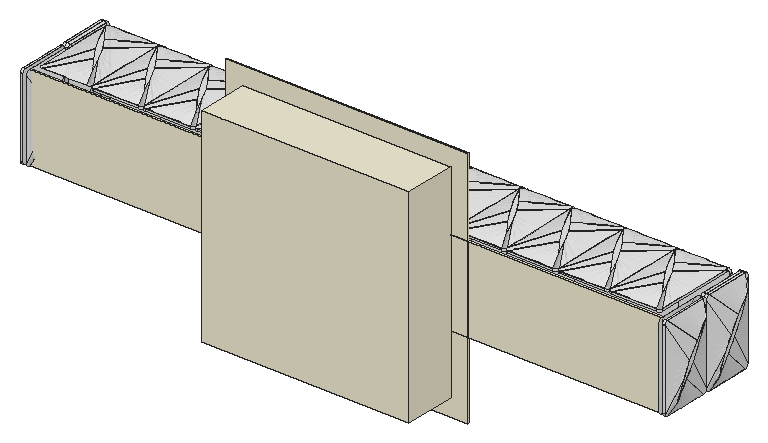
Revit family "3-572-15 Elan", category Luminarias, Revit 2021 (continued)
Definition of nested family "Family2"
  Forms (in)
    Blend 58, solid, material <- "Diffuser"
      base sketch origin (10.62992, -2.24007, -2.27132) x (1, 0, 0) y (0, 1, 0)
        loop
          arc (-7.08661, -0.90551) -> (-7.06355, -0.96119) -> (-7.00787, -0.98425) r 0.07874
          line (-7.00787, -0.98425) -> (-5.98425, -0.98425)
          arc (-5.98425, -0.98425) -> (-5.92857, -0.96119) -> (-5.90551, -0.90551) r 0.07874
          line (-5.90551, -0.90551) -> (-5.90551, 0.90551)
      top sketch origin (10.62992, -2.24007, -2.27132) x (1, 0, 0) y (0, 1, 0)
        loop
          line (-6.89899, 0.68245) -> (-6.71635, 0.29079) -> (-6.53621, -0.05852) -> (-6.35588, -0.33357) -> (-6.0667, -0.72725) -> (-6.27171, -0.28388) -> (-6.43166, 0.00863) -> (-6.64427, 0.33334) -> (-6.89899, 0.68245)
      from 3.31463 to 3.45242
    Extrusion 59, solid, material <- "Diffuser"
      sketch origin (10.62992, -2.24007, -2.27132) x (1, 0, 0) y (0, 1, 0)
        loop
          arc (-5.90551, 0.90551) -> (-5.92857, 0.96119) -> (-5.98425, 0.98425) r 0.07874
          line (-5.98425, 0.98425) -> (-7.00787, 0.98425)
          arc (-7.00787, 0.98425) -> (-7.06355, 0.96119) -> (-7.08661, 0.90551) r 0.07874
          line (-7.08661, 0.90551) -> (-7.08661, -0.90551)
          arc (-7.08661, -0.90551) -> (-7.06355, -0.96119) -> (-7.00787, -0.98425) r 0.07874
          line (-7.00787, -0.98425) -> (-5.98425, -0.98425)
          arc (-5.98425, -0.98425) -> (-5.92857, -0.96119) -> (-5.90551, -0.90551) r 0.07874
          line (-5.90551, -0.90551) -> (-5.90551, 0.90551)
      from 3.25557 to 3.31463
    Blend 60, solid, material <- "Diffuser"
      base sketch origin (11.81102, -2.24007, -2.27132) x (1, 0, 0) y (0, 1, 0)
        loop
          arc (-5.90551, 0.90551) -> (-5.92857, 0.96119) -> (-5.98425, 0.98425) r 0.07874
          line (-5.98425, 0.98425) -> (-7.00787, 0.98425)
          arc (-7.00787, 0.98425) -> (-7.06355, 0.96119) -> (-7.08661, 0.90551) r 0.07874
          line (-7.08661, 0.90551) -> (-7.08661, -0.90551)
          arc (-7.08661, -0.90551) -> (-7.06355, -0.96119) -> (-7.00787, -0.98425) r 0.07874
          line (-7.00787, -0.98425) -> (-5.98425, -0.98425)
          arc (-5.98425, -0.98425) -> (-5.92857, -0.96119) -> (-5.90551, -0.90551) r 0.07874
          line (-5.90551, -0.90551) -> (-5.90551, 0.90551)
      top sketch origin (11.81102, -2.24007, -2.27132) x (1, 0, 0) y (0, 1, 0)
        loop
          line (-6.89899, 0.68245) -> (-6.71635, 0.29079) -> (-6.53621, -0.05852) -> (-6.35588, -0.33357) -> (-6.0667, -0.72725) -> (-6.27171, -0.28388) -> (-6.43166, 0.00863) -> (-6.64427, 0.33334) -> (-6.89899, 0.68245)
      from 3.31463 to 3.45242
    Extrusion 61, solid, material <- "Diffuser"
      sketch origin (11.81102, -2.24007, -2.27132) x (1, 0, 0) y (0, 1, 0)
        loop
          arc (-5.90551, 0.90551) -> (-5.92857, 0.96119) -> (-5.98425, 0.98425) r 0.07874
          line (-5.98425, 0.98425) -> (-7.00787, 0.98425)
          arc (-7.00787, 0.98425) -> (-7.06355, 0.96119) -> (-7.08661, 0.90551) r 0.07874
          line (-7.08661, 0.90551) -> (-7.08661, -0.90551)
          arc (-7.08661, -0.90551) -> (-7.06355, -0.96119) -> (-7.00787, -0.98425) r 0.07874
          line (-7.00787, -0.98425) -> (-5.98425, -0.98425)
          arc (-5.98425, -0.98425) -> (-5.92857, -0.96119) -> (-5.90551, -0.90551) r 0.07874
          line (-5.90551, -0.90551) -> (-5.90551, 0.90551)
      from 3.25557 to 3.31463
    Blend 62, solid, material <- "Diffuser"
      base sketch origin (12.99213, -2.24007, -2.27132) x (1, 0, 0) y (0, 1, 0)
        loop
          arc (-5.90551, 0.90551) -> (-5.92857, 0.96119) -> (-5.98425, 0.98425) r 0.07874
          line (-5.98425, 0.98425) -> (-7.00787, 0.98425)
          arc (-7.00787, 0.98425) -> (-7.06355, 0.96119) -> (-7.08661, 0.90551) r 0.07874
          line (-7.08661, 0.90551) -> (-7.08661, -0.90551)
          arc (-7.08661, -0.90551) -> (-7.06355, -0.96119) -> (-7.00787, -0.98425) r 0.07874
          line (-7.00787, -0.98425) -> (-5.98425, -0.98425)
          arc (-5.98425, -0.98425) -> (-5.92857, -0.96119) -> (-5.90551, -0.90551) r 0.07874
          line (-5.90551, -0.90551) -> (-5.90551, 0.90551)
      top sketch origin (12.99213, -2.24007, -2.27132) x (1, 0, 0) y (0, 1, 0)
        loop
          line (-6.89899, 0.68245) -> (-6.71635, 0.29079) -> (-6.53621, -0.05852) -> (-6.35588, -0.33357) -> (-6.0667, -0.72725) -> (-6.27171, -0.28388) -> (-6.43166, 0.00863) -> (-6.64427, 0.33334) -> (-6.89899, 0.68245)
      from 3.31463 to 3.45242
    Blend 63, solid, material <- "Diffuser"
      base sketch origin (0.00926, -2.24007, 2.34394) x (-0.999996, 0, 0.00275) y (0, 1, 0)
        loop
          arc (-5.90551, 0.90551) -> (-5.92857, 0.96119) -> (-5.98425, 0.98425) r 0.07874
          line (-5.98425, 0.98425) -> (-7.00787, 0.98425)
          arc (-7.00787, 0.98425) -> (-7.06355, 0.96119) -> (-7.08661, 0.90551) r 0.07874
          line (-7.08661, 0.90551) -> (-7.08661, -0.90551)
          arc (-7.08661, -0.90551) -> (-7.06355, -0.96119) -> (-7.00787, -0.98425) r 0.07874
          line (-7.00787, -0.98425) -> (-5.98425, -0.98425)
          arc (-5.98425, -0.98425) -> (-5.92857, -0.96119) -> (-5.90551, -0.90551) r 0.07874
          line (-5.90551, -0.90551) -> (-5.90551, 0.90551)
      top sketch origin (0.00926, -2.24007, 2.34394) x (-0.999996, 0, 0.00275) y (0, 1, 0)
        loop
          line (-6.89899, 0.68245) -> (-6.71635, 0.29079) -> (-6.53621, -0.05852) -> (-6.35588, -0.33357) -> (-6.0667, -0.72725) -> (-6.27171, -0.28388) -> (-6.43166, 0.00863) -> (-6.64427, 0.33334) -> (-6.89899, 0.68245)
      from 3.31463 to 3.45242
    Extrusion 64, solid, material <- "Diffuser"
      sketch origin (0.00926, -2.24007, 2.34394) x (-0.999996, 0, 0.00275) y (0, 1, 0)
        loop
          arc (-5.90551, 0.90551) -> (-5.92857, 0.96119) -> (-5.98425, 0.98425) r 0.07874
          line (-5.98425, 0.98425) -> (-7.00787, 0.98425)
          arc (-7.00787, 0.98425) -> (-7.06355, 0.96119) -> (-7.08661, 0.90551) r 0.07874
          line (-7.08661, 0.90551) -> (-7.08661, -0.90551)
          arc (-7.08661, -0.90551) -> (-7.06355, -0.96119) -> (-7.00787, -0.98425) r 0.07874
          line (-7.00787, -0.98425) -> (-5.98425, -0.98425)
          arc (-5.98425, -0.98425) -> (-5.92857, -0.96119) -> (-5.90551, -0.90551) r 0.07874
          line (-5.90551, -0.90551) -> (-5.90551, 0.90551)
      from 3.20242 to 3.31463
    Blend 65, solid, material <- "Diffuser"
      base sketch origin (-1.17183, -2.24007, 2.34719) x (-0.999996, 0, 0.00275) y (0, 1, 0)
        loop
          arc (-5.90551, 0.90551) -> (-5.92857, 0.96119) -> (-5.98425, 0.98425) r 0.07874
          line (-5.98425, 0.98425) -> (-7.00787, 0.98425)
          arc (-7.00787, 0.98425) -> (-7.06355, 0.96119) -> (-7.08661, 0.90551) r 0.07874
          line (-7.08661, 0.90551) -> (-7.08661, -0.90551)
          arc (-7.08661, -0.90551) -> (-7.06355, -0.96119) -> (-7.00787, -0.98425) r 0.07874
          line (-7.00787, -0.98425) -> (-5.98425, -0.98425)
          arc (-5.98425, -0.98425) -> (-5.92857, -0.96119) -> (-5.90551, -0.90551) r 0.07874
          line (-5.90551, -0.90551) -> (-5.90551, 0.90551)
      top sketch origin (-1.17183, -2.24007, 2.34719) x (-0.999996, 0, 0.00275) y (0, 1, 0)
        loop
          line (-6.89899, 0.68245) -> (-6.71635, 0.29079) -> (-6.53621, -0.05852) -> (-6.35588, -0.33357) -> (-6.0667, -0.72725) -> (-6.27171, -0.28388) -> (-6.43166, 0.00863) -> (-6.64427, 0.33334) -> (-6.89899, 0.68245)
      from 3.31463 to 3.45242
    Extrusion 66, solid, material <- "Diffuser"
      sketch origin (-1.17183, -2.24007, 2.34719) x (-0.999996, 0, 0.00275) y (0, 1, 0)
        loop
          arc (-5.90551, 0.90551) -> (-5.92857, 0.96119) -> (-5.98425, 0.98425) r 0.07874
          line (-5.98425, 0.98425) -> (-7.00787, 0.98425)
          arc (-7.00787, 0.98425) -> (-7.06355, 0.96119) -> (-7.08661, 0.90551) r 0.07874
          line (-7.08661, 0.90551) -> (-7.08661, -0.90551)
          arc (-7.08661, -0.90551) -> (-7.06355, -0.96119) -> (-7.00787, -0.98425) r 0.07874
          line (-7.00787, -0.98425) -> (-5.98425, -0.98425)
          arc (-5.98425, -0.98425) -> (-5.92857, -0.96119) -> (-5.90551, -0.90551) r 0.07874
          line (-5.90551, -0.90551) -> (-5.90551, 0.90551)
      from 3.20242 to 3.31463
    Blend 67, solid, material <- "Diffuser"
      base sketch origin (-2.35293, -2.24007, 2.35044) x (-0.999996, 0, 0.00275) y (0, 1, 0)
        loop
          arc (-5.90551, 0.90551) -> (-5.92857, 0.96119) -> (-5.98425, 0.98425) r 0.07874
          line (-5.98425, 0.98425) -> (-7.00787, 0.98425)
          arc (-7.00787, 0.98425) -> (-7.06355, 0.96119) -> (-7.08661, 0.90551) r 0.07874
          line (-7.08661, 0.90551) -> (-7.08661, -0.90551)
          arc (-7.08661, -0.90551) -> (-7.06355, -0.96119) -> (-7.00787, -0.98425) r 0.07874
          line (-7.00787, -0.98425) -> (-5.98425, -0.98425)
          arc (-5.98425, -0.98425) -> (-5.92857, -0.96119) -> (-5.90551, -0.90551) r 0.07874
          line (-5.90551, -0.90551) -> (-5.90551, 0.90551)
      top sketch origin (-2.35293, -2.24007, 2.35044) x (-0.999996, 0, 0.00275) y (0, 1, 0)
        loop
          line (-6.89899, 0.68245) -> (-6.71635, 0.29079) -> (-6.53621, -0.05852) -> (-6.35588, -0.33357) -> (-6.0667, -0.72725) -> (-6.27171, -0.28388) -> (-6.43166, 0.00863) -> (-6.64427, 0.33334) -> (-6.89899, 0.68245)
      from 3.31463 to 3.45242
    Extrusion 68, solid, material <- "Diffuser"
      sketch origin (-2.35293, -2.24007, 2.35044) x (-0.999996, 0, 0.00275) y (0, 1, 0)
        loop
          arc (-5.90551, 0.90551) -> (-5.92857, 0.96119) -> (-5.98425, 0.98425) r 0.07874
          line (-5.98425, 0.98425) -> (-7.00787, 0.98425)
          arc (-7.00787, 0.98425) -> (-7.06355, 0.96119) -> (-7.08661, 0.90551) r 0.07874
          line (-7.08661, 0.90551) -> (-7.08661, -0.90551)
          arc (-7.08661, -0.90551) -> (-7.06355, -0.96119) -> (-7.00787, -0.98425) r 0.07874
          line (-7.00787, -0.98425) -> (-5.98425, -0.98425)
          arc (-5.98425, -0.98425) -> (-5.92857, -0.96119) -> (-5.90551, -0.90551) r 0.07874
          line (-5.90551, -0.90551) -> (-5.90551, 0.90551)
      from 3.20242 to 3.31463
    Blend 69, solid, material <- "Diffuser"
      base sketch origin (-3.53403, -2.24007, 2.35369) x (-0.999996, 0, 0.00275) y (0, 1, 0)
        loop
          arc (-5.90551, 0.90551) -> (-5.92857, 0.96119) -> (-5.98425, 0.98425) r 0.07874
          line (-5.98425, 0.98425) -> (-7.00787, 0.98425)
          arc (-7.00787, 0.98425) -> (-7.06355, 0.96119) -> (-7.08661, 0.90551) r 0.07874
          line (-7.08661, 0.90551) -> (-7.08661, -0.90551)
          arc (-7.08661, -0.90551) -> (-7.06355, -0.96119) -> (-7.00787, -0.98425) r 0.07874
          line (-7.00787, -0.98425) -> (-5.98425, -0.98425)
          arc (-5.98425, -0.98425) -> (-5.92857, -0.96119) -> (-5.90551, -0.90551) r 0.07874
          line (-5.90551, -0.90551) -> (-5.90551, 0.90551)
      top sketch origin (-3.53403, -2.24007, 2.35369) x (-0.999996, 0, 0.00275) y (0, 1, 0)
        loop
          line (-6.89899, 0.68245) -> (-6.71635, 0.29079) -> (-6.53621, -0.05852) -> (-6.35588, -0.33357) -> (-6.0667, -0.72725) -> (-6.27171, -0.28388) -> (-6.43166, 0.00863) -> (-6.64427, 0.33334) -> (-6.89899, 0.68245)
      from 3.31463 to 3.45242
    Extrusion 70, solid, material <- "Diffuser"
      sketch origin (-3.53403, -2.24007, 2.35369) x (-0.999996, 0, 0.00275) y (0, 1, 0)
        loop
          arc (-5.90551, 0.90551) -> (-5.92857, 0.96119) -> (-5.98425, 0.98425) r 0.07874
          line (-5.98425, 0.98425) -> (-7.00787, 0.98425)
          arc (-7.00787, 0.98425) -> (-7.06355, 0.96119) -> (-7.08661, 0.90551) r 0.07874
          line (-7.08661, 0.90551) -> (-7.08661, -0.90551)
          arc (-7.08661, -0.90551) -> (-7.06355, -0.96119) -> (-7.00787, -0.98425) r 0.07874
          line (-7.00787, -0.98425) -> (-5.98425, -0.98425)
          arc (-5.98425, -0.98425) -> (-5.92857, -0.96119) -> (-5.90551, -0.90551) r 0.07874
          line (-5.90551, -0.90551) -> (-5.90551, 0.90551)
      from 3.20242 to 3.31463
    Blend 71, solid, material <- "Diffuser"
      base sketch origin (-4.71513, -2.24007, 2.35694) x (-0.999996, 0, 0.00275) y (0, 1, 0)
        loop
          arc (-5.90551, 0.90551) -> (-5.92857, 0.96119) -> (-5.98425, 0.98425) r 0.07874
          line (-5.98425, 0.98425) -> (-7.00787, 0.98425)
          arc (-7.00787, 0.98425) -> (-7.06355, 0.96119) -> (-7.08661, 0.90551) r 0.07874
          line (-7.08661, 0.90551) -> (-7.08661, -0.90551)
          arc (-7.08661, -0.90551) -> (-7.06355, -0.96119) -> (-7.00787, -0.98425) r 0.07874
          line (-7.00787, -0.98425) -> (-5.98425, -0.98425)
          arc (-5.98425, -0.98425) -> (-5.92857, -0.96119) -> (-5.90551, -0.90551) r 0.07874
          line (-5.90551, -0.90551) -> (-5.90551, 0.90551)
      top sketch origin (-4.71513, -2.24007, 2.35694) x (-0.999996, 0, 0.00275) y (0, 1, 0)
        loop
          line (-6.89899, 0.68245) -> (-6.71635, 0.29079) -> (-6.53621, -0.05852) -> (-6.35588, -0.33357) -> (-6.0667, -0.72725) -> (-6.27171, -0.28388) -> (-6.43166, 0.00863) -> (-6.64427, 0.33334) -> (-6.89899, 0.68245)
      from 3.31463 to 3.45242
    Extrusion 72, solid, material <- "Diffuser"
      sketch origin (-4.71513, -2.24007, 2.35694) x (-0.999996, 0, 0.00275) y (0, 1, 0)
        loop
          arc (-5.90551, 0.90551) -> (-5.92857, 0.96119) -> (-5.98425, 0.98425) r 0.07874
          line (-5.98425, 0.98425) -> (-7.00787, 0.98425)
          arc (-7.00787, 0.98425) -> (-7.06355, 0.96119) -> (-7.08661, 0.90551) r 0.07874
          line (-7.08661, 0.90551) -> (-7.08661, -0.90551)
          arc (-7.08661, -0.90551) -> (-7.06355, -0.96119) -> (-7.00787, -0.98425) r 0.07874
          line (-7.00787, -0.98425) -> (-5.98425, -0.98425)
          arc (-5.98425, -0.98425) -> (-5.92857, -0.96119) -> (-5.90551, -0.90551) r 0.07874
          line (-5.90551, -0.90551) -> (-5.90551, 0.90551)
      from 3.25557 to 3.31463
    Blend 73, solid, material <- "Diffuser"
      base sketch origin (-5.89622, -2.24007, 2.36018) x (-0.999996, 0, 0.00275) y (0, 1, 0)
        loop
          arc (-5.90551, 0.90551) -> (-5.92857, 0.96119) -> (-5.98425, 0.98425) r 0.07874
          line (-5.98425, 0.98425) -> (-7.00787, 0.98425)
          arc (-7.00787, 0.98425) -> (-7.06355, 0.96119) -> (-7.08661, 0.90551) r 0.07874
          line (-7.08661, 0.90551) -> (-7.08661, -0.90551)
          arc (-7.08661, -0.90551) -> (-7.06355, -0.96119) -> (-7.00787, -0.98425) r 0.07874
          line (-7.00787, -0.98425) -> (-5.98425, -0.98425)
          arc (-5.98425, -0.98425) -> (-5.92857, -0.96119) -> (-5.90551, -0.90551) r 0.07874
          line (-5.90551, -0.90551) -> (-5.90551, 0.90551)
      top sketch origin (-5.89622, -2.24007, 2.36018) x (-0.999996, 0, 0.00275) y (0, 1, 0)
        loop
          line (-6.89899, 0.68245) -> (-6.71635, 0.29079) -> (-6.53621, -0.05852) -> (-6.35588, -0.33357) -> (-6.0667, -0.72725) -> (-6.27171, -0.28388) -> (-6.43166, 0.00863) -> (-6.64427, 0.33334) -> (-6.89899, 0.68245)
      from 3.31463 to 3.45242
    Extrusion 74, solid, material <- "Diffuser"
      sketch origin (-5.89622, -2.24007, 2.36018) x (-0.999996, 0, 0.00275) y (0, 1, 0)
        loop
          arc (-5.90551, 0.90551) -> (-5.92857, 0.96119) -> (-5.98425, 0.98425) r 0.07874
          line (-5.98425, 0.98425) -> (-7.00787, 0.98425)
          arc (-7.00787, 0.98425) -> (-7.06355, 0.96119) -> (-7.08661, 0.90551) r 0.07874
          line (-7.08661, 0.90551) -> (-7.08661, -0.90551)
          arc (-7.08661, -0.90551) -> (-7.06355, -0.96119) -> (-7.00787, -0.98425) r 0.07874
          line (-7.00787, -0.98425) -> (-5.98425, -0.98425)
          arc (-5.98425, -0.98425) -> (-5.92857, -0.96119) -> (-5.90551, -0.90551) r 0.07874
          line (-5.90551, -0.90551) -> (-5.90551, 0.90551)
      from 3.25557 to 3.31463
    Blend 75, solid, material <- "Diffuser"
      base sketch origin (-7.07732, -2.24007, 2.36343) x (-0.999996, 0, 0.00275) y (0, 1, 0)
        loop
          arc (-5.90551, 0.90551) -> (-5.92857, 0.96119) -> (-5.98425, 0.98425) r 0.07874
          line (-5.98425, 0.98425) -> (-7.00787, 0.98425)
          arc (-7.00787, 0.98425) -> (-7.06355, 0.96119) -> (-7.08661, 0.90551) r 0.07874
          line (-7.08661, 0.90551) -> (-7.08661, -0.90551)
          arc (-7.08661, -0.90551) -> (-7.06355, -0.96119) -> (-7.00787, -0.98425) r 0.07874
          line (-7.00787, -0.98425) -> (-5.98425, -0.98425)
          arc (-5.98425, -0.98425) -> (-5.92857, -0.96119) -> (-5.90551, -0.90551) r 0.07874
          line (-5.90551, -0.90551) -> (-5.90551, 0.90551)
      top sketch origin (-7.07732, -2.24007, 2.36343) x (-0.999996, 0, 0.00275) y (0, 1, 0)
        loop
          line (-6.89899, 0.68245) -> (-6.71635, 0.29079) -> (-6.53621, -0.05852) -> (-6.35588, -0.33357) -> (-6.0667, -0.72725) -> (-6.27171, -0.28388) -> (-6.43166, 0.00863) -> (-6.64427, 0.33334) -> (-6.89899, 0.68245)
      from 3.31463 to 3.45242
    Extrusion 76, solid, material <- "Diffuser"
      sketch origin (-7.07732, -2.24007, 2.36343) x (-0.999996, 0, 0.00275) y (0, 1, 0)
        loop
          arc (-5.90551, 0.90551) -> (-5.92857, 0.96119) -> (-5.98425, 0.98425) r 0.07874
          line (-5.98425, 0.98425) -> (-7.00787, 0.98425)
          arc (-7.00787, 0.98425) -> (-7.06355, 0.96119) -> (-7.08661, 0.90551) r 0.07874
          line (-7.08661, 0.90551) -> (-7.08661, -0.90551)
          arc (-7.08661, -0.90551) -> (-7.06355, -0.96119) -> (-7.00787, -0.98425) r 0.07874
          line (-7.00787, -0.98425) -> (-5.98425, -0.98425)
          arc (-5.98425, -0.98425) -> (-5.92857, -0.96119) -> (-5.90551, -0.90551) r 0.07874
          line (-5.90551, -0.90551) -> (-5.90551, 0.90551)
      from 3.25557 to 3.31463
    Blend 77, solid, material <- "Diffuser"
      base sketch origin (-8.25842, -2.24007, 2.36668) x (-0.999996, 0, 0.00275) y (0, 1, 0)
        loop
          arc (-5.90551, 0.90551) -> (-5.92857, 0.96119) -> (-5.98425, 0.98425) r 0.07874
          line (-5.98425, 0.98425) -> (-7.00787, 0.98425)
          arc (-7.00787, 0.98425) -> (-7.06355, 0.96119) -> (-7.08661, 0.90551) r 0.07874
          line (-7.08661, 0.90551) -> (-7.08661, -0.90551)
          arc (-7.08661, -0.90551) -> (-7.06355, -0.96119) -> (-7.00787, -0.98425) r 0.07874
          line (-7.00787, -0.98425) -> (-5.98425, -0.98425)
          arc (-5.98425, -0.98425) -> (-5.92857, -0.96119) -> (-5.90551, -0.90551) r 0.07874
          line (-5.90551, -0.90551) -> (-5.90551, 0.90551)
      top sketch origin (-8.25842, -2.24007, 2.36668) x (-0.999996, 0, 0.00275) y (0, 1, 0)
        loop
          line (-6.89899, 0.68245) -> (-6.71635, 0.29079) -> (-6.53621, -0.05852) -> (-6.35588, -0.33357) -> (-6.0667, -0.72725) -> (-6.27171, -0.28388) -> (-6.43166, 0.00863) -> (-6.64427, 0.33334) -> (-6.89899, 0.68245)
      from 3.31463 to 3.45242
    Extrusion 78, solid, material <- "Diffuser"
      sketch origin (-8.25842, -2.24007, 2.36668) x (-0.999996, 0, 0.00275) y (0, 1, 0)
        loop
          arc (-5.90551, 0.90551) -> (-5.92857, 0.96119) -> (-5.98425, 0.98425) r 0.07874
          line (-5.98425, 0.98425) -> (-7.00787, 0.98425)
          arc (-7.00787, 0.98425) -> (-7.06355, 0.96119) -> (-7.08661, 0.90551) r 0.07874
          line (-7.08661, 0.90551) -> (-7.08661, -0.90551)
          arc (-7.08661, -0.90551) -> (-7.06355, -0.96119) -> (-7.00787, -0.98425) r 0.07874
          line (-7.00787, -0.98425) -> (-5.98425, -0.98425)
          arc (-5.98425, -0.98425) -> (-5.92857, -0.96119) -> (-5.90551, -0.90551) r 0.07874
          line (-5.90551, -0.90551) -> (-5.90551, 0.90551)
      from 3.25557 to 3.31463
    Blend 79, solid, material <- "Diffuser"
      base sketch origin (-9.43952, -2.24007, 2.36993) x (-0.999996, 0, 0.00275) y (0, 1, 0)
        loop
          arc (-5.90551, 0.90551) -> (-5.92857, 0.96119) -> (-5.98425, 0.98425) r 0.07874
          line (-5.98425, 0.98425) -> (-7.00787, 0.98425)
          arc (-7.00787, 0.98425) -> (-7.06355, 0.96119) -> (-7.08661, 0.90551) r 0.07874
          line (-7.08661, 0.90551) -> (-7.08661, -0.90551)
          arc (-7.08661, -0.90551) -> (-7.06355, -0.96119) -> (-7.00787, -0.98425) r 0.07874
          line (-7.00787, -0.98425) -> (-5.98425, -0.98425)
          arc (-5.98425, -0.98425) -> (-5.92857, -0.96119) -> (-5.90551, -0.90551) r 0.07874
          line (-5.90551, -0.90551) -> (-5.90551, 0.90551)
      top sketch origin (-9.43952, -2.24007, 2.36993) x (-0.999996, 0, 0.00275) y (0, 1, 0)
        loop
          line (-6.89899, 0.68245) -> (-6.71635, 0.29079) -> (-6.53621, -0.05852) -> (-6.35588, -0.33357) -> (-6.0667, -0.72725) -> (-6.27171, -0.28388) -> (-6.43166, 0.00863) -> (-6.64427, 0.33334) -> (-6.89899, 0.68245)
      from 3.31463 to 3.45242
    Extrusion 80, solid, material <- "Diffuser"
      sketch origin (-9.43952, -2.24007, 2.36993) x (-0.999996, 0, 0.00275) y (0, 1, 0)
        loop
          arc (-5.90551, 0.90551) -> (-5.92857, 0.96119) -> (-5.98425, 0.98425) r 0.07874
          line (-5.98425, 0.98425) -> (-7.00787, 0.98425)
          arc (-7.00787, 0.98425) -> (-7.06355, 0.96119) -> (-7.08661, 0.90551) r 0.07874
          line (-7.08661, 0.90551) -> (-7.08661, -0.90551)
          arc (-7.08661, -0.90551) -> (-7.06355, -0.96119) -> (-7.00787, -0.98425) r 0.07874
          line (-7.00787, -0.98425) -> (-5.98425, -0.98425)
          arc (-5.98425, -0.98425) -> (-5.92857, -0.96119) -> (-5.90551, -0.90551) r 0.07874
          line (-5.90551, -0.90551) -> (-5.90551, 0.90551)
      from 3.25557 to 3.31463
    Blend 81, solid, material <- "Diffuser"
      base sketch origin (-10.62062, -2.24007, 2.37318) x (-0.999996, 0, 0.00275) y (0, 1, 0)
        loop
          arc (-5.90551, 0.90551) -> (-5.92857, 0.96119) -> (-5.98425, 0.98425) r 0.07874
          line (-5.98425, 0.98425) -> (-7.00787, 0.98425)
          arc (-7.00787, 0.98425) -> (-7.06355, 0.96119) -> (-7.08661, 0.90551) r 0.07874
          line (-7.08661, 0.90551) -> (-7.08661, -0.90551)
          arc (-7.08661, -0.90551) -> (-7.06355, -0.96119) -> (-7.00787, -0.98425) r 0.07874
          line (-7.00787, -0.98425) -> (-5.98425, -0.98425)
          arc (-5.98425, -0.98425) -> (-5.92857, -0.96119) -> (-5.90551, -0.90551) r 0.07874
          line (-5.90551, -0.90551) -> (-5.90551, 0.90551)
      top sketch origin (-10.62062, -2.24007, 2.37318) x (-0.999996, 0, 0.00275) y (0, 1, 0)
        loop
          line (-6.89899, 0.68245) -> (-6.71635, 0.29079) -> (-6.53621, -0.05852) -> (-6.35588, -0.33357) -> (-6.0667, -0.72725) -> (-6.27171, -0.28388) -> (-6.43166, 0.00863) -> (-6.64427, 0.33334) -> (-6.89899, 0.68245)
      from 3.31463 to 3.45242
    Extrusion 82, solid, material <- "Diffuser"
      sketch origin (-10.62062, -2.24007, 2.37318) x (-0.999996, 0, 0.00275) y (0, 1, 0)
        loop
          arc (-5.90551, 0.90551) -> (-5.92857, 0.96119) -> (-5.98425, 0.98425) r 0.07874
          line (-5.98425, 0.98425) -> (-7.00787, 0.98425)
          arc (-7.00787, 0.98425) -> (-7.06355, 0.96119) -> (-7.08661, 0.90551) r 0.07874
          line (-7.08661, 0.90551) -> (-7.08661, -0.90551)
          arc (-7.08661, -0.90551) -> (-7.06355, -0.96119) -> (-7.00787, -0.98425) r 0.07874
          line (-7.00787, -0.98425) -> (-5.98425, -0.98425)
          arc (-5.98425, -0.98425) -> (-5.92857, -0.96119) -> (-5.90551, -0.90551) r 0.07874
          line (-5.90551, -0.90551) -> (-5.90551, 0.90551)
      from 3.25557 to 3.31463
    Blend 83, solid, material <- "Diffuser"
      base sketch origin (-11.80171, -2.24007, 2.37642) x (-0.999996, 0, 0.00275) y (0, 1, 0)
        loop
          arc (-5.90551, 0.90551) -> (-5.92857, 0.96119) -> (-5.98425, 0.98425) r 0.07874
          line (-5.98425, 0.98425) -> (-7.00787, 0.98425)
          arc (-7.00787, 0.98425) -> (-7.06355, 0.96119) -> (-7.08661, 0.90551) r 0.07874
          line (-7.08661, 0.90551) -> (-7.08661, -0.90551)
          arc (-7.08661, -0.90551) -> (-7.06355, -0.96119) -> (-7.00787, -0.98425) r 0.07874
          line (-7.00787, -0.98425) -> (-5.98425, -0.98425)
          arc (-5.98425, -0.98425) -> (-5.92857, -0.96119) -> (-5.90551, -0.90551) r 0.07874
          line (-5.90551, -0.90551) -> (-5.90551, 0.90551)
      top sketch origin (-11.80171, -2.24007, 2.37642) x (-0.999996, 0, 0.00275) y (0, 1, 0)
        loop
          line (-6.89899, 0.68245) -> (-6.71635, 0.29079) -> (-6.53621, -0.05852) -> (-6.35588, -0.33357) -> (-6.0667, -0.72725) -> (-6.27171, -0.28388) -> (-6.43166, 0.00863) -> (-6.64427, 0.33334) -> (-6.89899, 0.68245)
      from 3.31463 to 3.45242
    Extrusion 84, solid, material <- "Diffuser"
      sketch origin (-11.80171, -2.24007, 2.37642) x (-0.999996, 0, 0.00275) y (0, 1, 0)
        loop
          arc (-5.90551, 0.90551) -> (-5.92857, 0.96119) -> (-5.98425, 0.98425) r 0.07874
          line (-5.98425, 0.98425) -> (-7.00787, 0.98425)
          arc (-7.00787, 0.98425) -> (-7.06355, 0.96119) -> (-7.08661, 0.90551) r 0.07874
          line (-7.08661, 0.90551) -> (-7.08661, -0.90551)
          arc (-7.08661, -0.90551) -> (-7.06355, -0.96119) -> (-7.00787, -0.98425) r 0.07874
          line (-7.00787, -0.98425) -> (-5.98425, -0.98425)
          arc (-5.98425, -0.98425) -> (-5.92857, -0.96119) -> (-5.90551, -0.90551) r 0.07874
          line (-5.90551, -0.90551) -> (-5.90551, 0.90551)
      from 3.25557 to 3.31463
    Blend 85, solid, material <- "Diffuser"
      base sketch origin (-12.98281, -2.24007, 2.37967) x (-0.999996, 0, 0.00275) y (0, 1, 0)
        loop
          arc (-5.90551, 0.90551) -> (-5.92857, 0.96119) -> (-5.98425, 0.98425) r 0.07874
          line (-5.98425, 0.98425) -> (-7.00787, 0.98425)
          arc (-7.00787, 0.98425) -> (-7.06355, 0.96119) -> (-7.08661, 0.90551) r 0.07874
          line (-7.08661, 0.90551) -> (-7.08661, -0.90551)
          arc (-7.08661, -0.90551) -> (-7.06355, -0.96119) -> (-7.00787, -0.98425) r 0.07874
          line (-7.00787, -0.98425) -> (-5.98425, -0.98425)
          arc (-5.98425, -0.98425) -> (-5.92857, -0.96119) -> (-5.90551, -0.90551) r 0.07874
          line (-5.90551, -0.90551) -> (-5.90551, 0.90551)
      top sketch origin (-12.98281, -2.24007, 2.37967) x (-0.999996, 0, 0.00275) y (0, 1, 0)
        loop
          line (-6.89899, 0.68245) -> (-6.71635, 0.29079) -> (-6.53621, -0.05852) -> (-6.35588, -0.33357) -> (-6.0667, -0.72725) -> (-6.27171, -0.28388) -> (-6.43166, 0.00863) -> (-6.64427, 0.33334) -> (-6.89899, 0.68245)
      from 3.31463 to 3.45242
    Extrusion 86, solid, material <- "Metal Finish 1"
      sketch origin (0, 0, 0) x (1, 0, 0) y (0, 0, 1)
        loop
          line (-7.21563, 0.98425) -> (-7.21563, -0.98425) -> (7.21563, -0.98425) -> (7.21563, 0.98425) -> (-7.21563, 0.98425)
      from 1.18 to 1.22
  Dimensions and locks (in)
    aligned and locked: level to plane 2
Types (3): name | Metal Finish
  3-xx-15 / Black - Matte White Acrylic | 15 - Black
  3-xx-40 / Aged Brass - Matte White Acrylic | 40 - Aged Brass
  3-xx-24 / Satin Nickel - Matte White Acrylic | 24 - Satin Nickel
